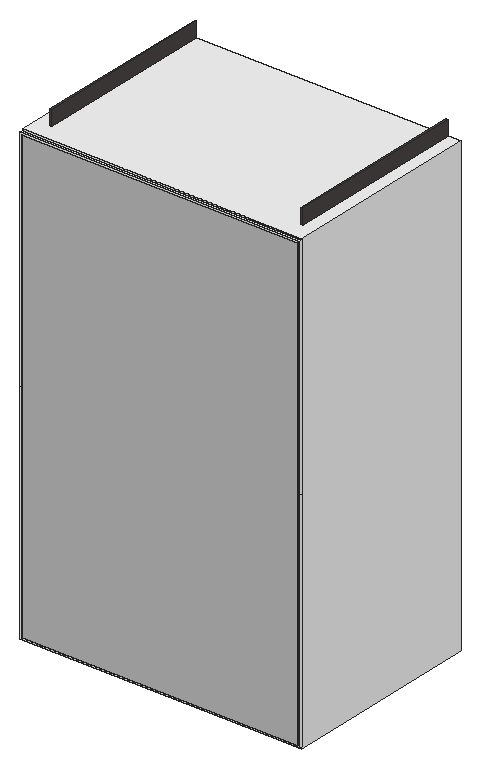
Revit family "vanity unit-hansgrohe-54169XXX-Xevolos E Vanity unit Matt White 340_245 for handrinse basin, door hinge right", category Furniture, Revit 2019
Family settings
  OmniClass Number = 23.40.00.00
  OmniClass Title = Equipment and Furnishings
  Work Plane-Based = No
  Always vertical = Yes
  Cut with Voids When Loaded = No
  Shared = Yes
  Room Calculation Point = No
Parameters (values of type "54169320-MATT_WHITE-METALLIC_WHITE-200")
  etim7_EC011381 = "EC011381"
  WEIGHT = "8"
  UNSPSC = "56 | Furniture and Furnishings"
  UNIFORMATII = "E2010 | Fixed Furnishings"
  UNICLASS_2015_CODE = "40_30_78_05"
  UNICLASS2015 = "Pr_40_30_78_05 | Bathroom furniture"
  SURFACE = "METALLIC_WHITE"
  REGION = "Worldwide"
  PRODUCTURL = "https://pro.hansgrohe.com/articledetail--54169320"
  PERMALINK = "54169XXX"
  OMNICLASS = "23-21 19 15 33 13 | Residential Bathroom Specialty Casework"
  OBJECTTYPE = "Object (single object)"
  OBERFLAECHE = "MATT_WHITE"
  NN = "Vanity Unit for handrinse basin, door hinge"
  NBSYN = "$ARTNR.-$OBERFLAECHE.-$SURFACE.-$LODLEVEL."
  NB = "54169320-MATT_WHITE-METALLIC_WHITE-200"
  NAME = "Xevolos E Vanity unit Matt White 340/245 for handrinse basin, door hinge right"
  Model = "54169320-MATT_WHITE-METALLIC_WHITE-200"
  Manufacturer = "Hansgrohe"
  MIdent = "{$CADENAS_DATA/23d-libs/hansgrohe/xevolos_furniture/xevolos_vanity_unit_for_handrinse_basin_door_hinge/vanity_unit_for_handrinse_basin_with_door_hing.prj},262 {VTYP=3D},{NB=54169320-MATT_WHITE-METALLIC_WHITE-200},{LINA=54169320-MATT_WHITE-METALLIC_WHITE-200},{NN=Vanity Unit for handrinse basin, door hinge},{DATE=13.03.2023 12:26:36},{GEOMDATE=12.03.2023 06:59:00},{VERSION=},{LINEID=100},{WBVAR=LODLEVEL},{WBNUMERIC=}  {NB=54169320-MATT_WHITE-METALLIC_WHITE-200},{LINA=54169320-MATT_WHITE-METALLIC_WHITE-200},{KT=DUMMY},{IDNR=10},{ARTNR=54169320},{BASENUMBER=54169},{MODEL=54169XXX},{OBERFLAECHE=MATT_WHITE},{SURFACE=METALLIC_WHITE},{L=340},{LODLEVEL=200},{LODLEVELX='400','400','200','200'},{NAME=Xevolos E Vanity unit Matt White 340/245 for handrinse basin, door hinge right},{PERMALINK=54169XXX},{OBJECTTYPE=Object (single object)},{BIMOBJECT=Sanitary: Compound units},{COLLECTIONSET=Xevolos E},{COLLECTION=vanity unit},{WEIGHT=8},{DESCRIPTION=Xevolos E Vanity unit Matt White 340/245 for handrinse basin, door hinge right},{PRODUCTURL=https://pro.hansgrohe.com/articledetail--54169320},{GTINCODE=},{TENDERURL=},{IFC=Furnishing element},{ETIM=EC011381 | Bathroom furniture set},{UNICLASS2015=Pr_40_30_78_05 | Bathroom furniture},{OMNICLASS=23-21 19 15 33 13 | Residential Bathroom Specialty Casework},{MASTERFORMAT=12 35 30.23 | Bathroom Casework},{UNSPSC=56 | Furniture and Furnishings},{UNIFORMATII=E2010 | Fixed Furnishings},{REGION=Worldwide},{DESIGN=Germany},{MANUFACTURER=Germany}"
  MASTERFORMAT = "12 35 30.23 | Bathroom Casework"
  LODLEVEL = "200"
  LINA = "54169320-MATT_WHITE-METALLIC_WHITE-200"
  L = 340
  IFC = "Furnishing element"
  IDNR = 10
  ETIM = "EC011381 | Bathroom furniture set"
  DESIGN = "Germany"
  COLLECTIONSET = "Xevolos E"
  COLLECTION = "vanity unit"
  CATALOG = "Hansgrohe"
  BIMOBJECT = "Sanitary: Compound units"
  BASENUMBER = "54169"
  ARTNR = "54169320"
  54169730-MATT_WHITE-DARK_OAK-400_RX0RY0RZ0TX0TY0TZ0_V = no
  54169730-MATT_WHITE-DARK_OAK-200_RX0RY0RZ0TX0TY0TZ0_V = no
  54169390-MATT_WHITE-PATTEREND_BRONZE-400_RX0RY0RZ0TX0TY0TZ0_V = no
  54169390-MATT_WHITE-PATTEREND_BRONZE-200_RX0RY0RZ0TX0TY0TZ0_V = no
  54169320-MATT_WHITE-METALLIC_WHITE-400_RX0RY0RZ0TX0TY0TZ0_V = no
  54169320-MATT_WHITE-METALLIC_WHITE-200_RX0RY0RZ0TX0TY0TZ0_V = yes
Types (6, lengths in mm): name | SURFACE | NB | Model | MIdent | LODLEVEL | LINA | IDNR | ARTNR | 54169730-MATT_WHITE-DARK_OAK-400_RX0RY0RZ0TX0TY0TZ0_V | 54169730-MATT_WHITE-DARK_OAK-200_RX0RY0RZ0TX0TY0TZ0_V | 54169390-MATT_WHITE-PATTEREND_BRONZE-400_RX0RY0RZ0TX0TY0TZ0_V | 54169390-MATT_WHITE-PATTEREND_BRONZE-200_RX0RY0RZ0TX0TY0TZ0_V | 54169320-MATT_WHITE-METALLIC_WHITE-400_RX0RY0RZ0TX0TY0TZ0_V | 54169320-MATT_WHITE-METALLIC_WHITE-200_RX0RY0RZ0TX0TY0TZ0_V
  54169320-MATT_WHITE-METALLIC_WHITE-200 | "METALLIC_WHITE" | "54169320-MATT_WHITE-METALLIC_WHITE-200" | "54169320-MATT_WHITE-METALLIC_WHITE-200" | "{$CADENAS_DATA/23d-libs/hansgrohe/xevolos_furniture/xevolos_vanity_unit_for_handrinse_basin_door_hinge/vanity_unit_for_handrinse_basin_with_door_hing.prj},262 {VTYP=3D},{NB=54169320-MATT_WHITE-METALLIC_WHITE-200},{LINA=54169320-MATT_WHITE-METALLIC_WHITE-200},{NN=Vanity Unit for handrinse basin, door hinge},{DATE=13.03.2023 12:26:36},{GEOMDATE=12.03.2023 06:59:00},{VERSION=},{LINEID=100},{WBVAR=LODLEVEL},{WBNUMERIC=}  {NB=54169320-MATT_WHITE-METALLIC_WHITE-200},{LINA=54169320-MATT_WHITE-METALLIC_WHITE-200},{KT=DUMMY},{IDNR=10},{ARTNR=54169320},{BASENUMBER=54169},{MODEL=54169XXX},{OBERFLAECHE=MATT_WHITE},{SURFACE=METALLIC_WHITE},{L=340},{LODLEVEL=200},{LODLEVELX='400','400','200','200'},{NAME=Xevolos E Vanity unit Matt White 340/245 for handrinse basin, door hinge right},{PERMALINK=54169XXX},{OBJECTTYPE=Object (single object)},{BIMOBJECT=Sanitary: Compound units},{COLLECTIONSET=Xevolos E},{COLLECTION=vanity unit},{WEIGHT=8},{DESCRIPTION=Xevolos E Vanity unit Matt White 340/245 for handrinse basin, door hinge right},{PRODUCTURL=https://pro.hansgrohe.com/articledetail--54169320},{GTINCODE=},{TENDERURL=},{IFC=Furnishing element},{ETIM=EC011381 | Bathroom furniture set},{UNICLASS2015=Pr_40_30_78_05 | Bathroom furniture},{OMNICLASS=23-21 19 15 33 13 | Residential Bathroom Specialty Casework},{MASTERFORMAT=12 35 30.23 | Bathroom Casework},{UNSPSC=56 | Furniture and Furnishings},{UNIFORMATII=E2010 | Fixed Furnishings},{REGION=Worldwide},{DESIGN=Germany},{MANUFACTURER=Germany}" | "200" | "54169320-MATT_WHITE-METALLIC_WHITE-200" | 10 | "54169320" | no | no | no | no | no | yes
  54169320-MATT_WHITE-METALLIC_WHITE-400 | "METALLIC_WHITE" | "54169320-MATT_WHITE-METALLIC_WHITE-400" | "54169320-MATT_WHITE-METALLIC_WHITE-400" | "{$CADENAS_DATA/23d-libs/hansgrohe/xevolos_furniture/xevolos_vanity_unit_for_handrinse_basin_door_hinge/vanity_unit_for_handrinse_basin_with_door_hing.prj},262 {VTYP=3D},{NB=54169320-MATT_WHITE-METALLIC_WHITE-400},{LINA=54169320-MATT_WHITE-METALLIC_WHITE-400},{NN=Vanity Unit for handrinse basin, door hinge},{DATE=13.03.2023 12:26:36},{GEOMDATE=12.03.2023 06:59:00},{VERSION=},{LINEID=100},{WBVAR=LODLEVEL},{WBNUMERIC=}  {NB=54169320-MATT_WHITE-METALLIC_WHITE-400},{LINA=54169320-MATT_WHITE-METALLIC_WHITE-400},{KT=DUMMY},{IDNR=10},{ARTNR=54169320},{BASENUMBER=54169},{MODEL=54169XXX},{OBERFLAECHE=MATT_WHITE},{SURFACE=METALLIC_WHITE},{L=340},{LODLEVEL=400},{LODLEVELX='400','400','200','200'},{NAME=Xevolos E Vanity unit Matt White 340/245 for handrinse basin, door hinge right},{PERMALINK=54169XXX},{OBJECTTYPE=Object (single object)},{BIMOBJECT=Sanitary: Compound units},{COLLECTIONSET=Xevolos E},{COLLECTION=vanity unit},{WEIGHT=8},{DESCRIPTION=Xevolos E Vanity unit Matt White 340/245 for handrinse basin, door hinge right},{PRODUCTURL=https://pro.hansgrohe.com/articledetail--54169320},{GTINCODE=},{TENDERURL=},{IFC=Furnishing element},{ETIM=EC011381 | Bathroom furniture set},{UNICLASS2015=Pr_40_30_78_05 | Bathroom furniture},{OMNICLASS=23-21 19 15 33 13 | Residential Bathroom Specialty Casework},{MASTERFORMAT=12 35 30.23 | Bathroom Casework},{UNSPSC=56 | Furniture and Furnishings},{UNIFORMATII=E2010 | Fixed Furnishings},{REGION=Worldwide},{DESIGN=Germany},{MANUFACTURER=Germany}" | "400" | "54169320-MATT_WHITE-METALLIC_WHITE-400" | 10 | "54169320" | no | no | no | no | yes | no
  54169390-MATT_WHITE-PATTEREND_BRONZE-200 | "PATTEREND_BRONZE" | "54169390-MATT_WHITE-PATTEREND_BRONZE-200" | "54169390-MATT_WHITE-PATTEREND_BRONZE-200" | "{$CADENAS_DATA/23d-libs/hansgrohe/xevolos_furniture/xevolos_vanity_unit_for_handrinse_basin_door_hinge/vanity_unit_for_handrinse_basin_with_door_hing.prj},266 {VTYP=3D},{NB=54169390-MATT_WHITE-PATTEREND_BRONZE-200},{LINA=54169390-MATT_WHITE-PATTEREND_BRONZE-200},{NN=Vanity Unit for handrinse basin, door hinge},{DATE=13.03.2023 12:26:36},{GEOMDATE=12.03.2023 06:59:00},{VERSION=},{LINEID=110},{WBVAR=LODLEVEL},{WBNUMERIC=}  {NB=54169390-MATT_WHITE-PATTEREND_BRONZE-200},{LINA=54169390-MATT_WHITE-PATTEREND_BRONZE-200},{KT=DUMMY},{IDNR=11},{ARTNR=54169390},{BASENUMBER=54169},{MODEL=54169XXX},{OBERFLAECHE=MATT_WHITE},{SURFACE=PATTEREND_BRONZE},{L=340},{LODLEVEL=200},{LODLEVELX='400','400','200','200'},{NAME=Xevolos E Vanity unit Matt White 340/245 for handrinse basin, door hinge right},{PERMALINK=54169XXX},{OBJECTTYPE=Object (single object)},{BIMOBJECT=Sanitary: Compound units},{COLLECTIONSET=Xevolos E},{COLLECTION=vanity unit},{WEIGHT=8},{DESCRIPTION=Xevolos E Vanity unit Matt White 340/245 for handrinse basin, door hinge right},{PRODUCTURL=https://pro.hansgrohe.com/articledetail--54169320},{GTINCODE=},{TENDERURL=},{IFC=Furnishing element},{ETIM=EC011381 | Bathroom furniture set},{UNICLASS2015=Pr_40_30_78_05 | Bathroom furniture},{OMNICLASS=23-21 19 15 33 13 | Residential Bathroom Specialty Casework},{MASTERFORMAT=12 35 30.23 | Bathroom Casework},{UNSPSC=56 | Furniture and Furnishings},{UNIFORMATII=E2010 | Fixed Furnishings},{REGION=Worldwide},{DESIGN=Germany},{MANUFACTURER=Germany}" | "200" | "54169390-MATT_WHITE-PATTEREND_BRONZE-200" | 11 | "54169390" | no | no | no | yes | no | no
  54169390-MATT_WHITE-PATTEREND_BRONZE-400 | "PATTEREND_BRONZE" | "54169390-MATT_WHITE-PATTEREND_BRONZE-400" | "54169390-MATT_WHITE-PATTEREND_BRONZE-400" | "{$CADENAS_DATA/23d-libs/hansgrohe/xevolos_furniture/xevolos_vanity_unit_for_handrinse_basin_door_hinge/vanity_unit_for_handrinse_basin_with_door_hing.prj},266 {VTYP=3D},{NB=54169390-MATT_WHITE-PATTEREND_BRONZE-400},{LINA=54169390-MATT_WHITE-PATTEREND_BRONZE-400},{NN=Vanity Unit for handrinse basin, door hinge},{DATE=13.03.2023 12:26:36},{GEOMDATE=12.03.2023 06:59:00},{VERSION=},{LINEID=110},{WBVAR=LODLEVEL},{WBNUMERIC=}  {NB=54169390-MATT_WHITE-PATTEREND_BRONZE-400},{LINA=54169390-MATT_WHITE-PATTEREND_BRONZE-400},{KT=DUMMY},{IDNR=11},{ARTNR=54169390},{BASENUMBER=54169},{MODEL=54169XXX},{OBERFLAECHE=MATT_WHITE},{SURFACE=PATTEREND_BRONZE},{L=340},{LODLEVEL=400},{LODLEVELX='400','400','200','200'},{NAME=Xevolos E Vanity unit Matt White 340/245 for handrinse basin, door hinge right},{PERMALINK=54169XXX},{OBJECTTYPE=Object (single object)},{BIMOBJECT=Sanitary: Compound units},{COLLECTIONSET=Xevolos E},{COLLECTION=vanity unit},{WEIGHT=8},{DESCRIPTION=Xevolos E Vanity unit Matt White 340/245 for handrinse basin, door hinge right},{PRODUCTURL=https://pro.hansgrohe.com/articledetail--54169320},{GTINCODE=},{TENDERURL=},{IFC=Furnishing element},{ETIM=EC011381 | Bathroom furniture set},{UNICLASS2015=Pr_40_30_78_05 | Bathroom furniture},{OMNICLASS=23-21 19 15 33 13 | Residential Bathroom Specialty Casework},{MASTERFORMAT=12 35 30.23 | Bathroom Casework},{UNSPSC=56 | Furniture and Furnishings},{UNIFORMATII=E2010 | Fixed Furnishings},{REGION=Worldwide},{DESIGN=Germany},{MANUFACTURER=Germany}" | "400" | "54169390-MATT_WHITE-PATTEREND_BRONZE-400" | 11 | "54169390" | no | no | yes | no | no | no
  54169730-MATT_WHITE-DARK_OAK-200 | "DARK_OAK" | "54169730-MATT_WHITE-DARK_OAK-200" | "54169730-MATT_WHITE-DARK_OAK-200" | "{$CADENAS_DATA/23d-libs/hansgrohe/xevolos_furniture/xevolos_vanity_unit_for_handrinse_basin_door_hinge/vanity_unit_for_handrinse_basin_with_door_hing.prj},250 {VTYP=3D},{NB=54169730-MATT_WHITE-DARK_OAK-200},{LINA=54169730-MATT_WHITE-DARK_OAK-200},{NN=Vanity Unit for handrinse basin, door hinge},{DATE=13.03.2023 12:26:36},{GEOMDATE=12.03.2023 06:59:00},{VERSION=},{LINEID=120},{WBVAR=LODLEVEL},{WBNUMERIC=}  {NB=54169730-MATT_WHITE-DARK_OAK-200},{LINA=54169730-MATT_WHITE-DARK_OAK-200},{KT=DUMMY},{IDNR=12},{ARTNR=54169730},{BASENUMBER=54169},{MODEL=54169XXX},{OBERFLAECHE=MATT_WHITE},{SURFACE=DARK_OAK},{L=340},{LODLEVEL=200},{LODLEVELX='400','400','200','200'},{NAME=Xevolos E Vanity unit Matt White 340/245 for handrinse basin, door hinge right},{PERMALINK=54169XXX},{OBJECTTYPE=Object (single object)},{BIMOBJECT=Sanitary: Compound units},{COLLECTIONSET=Xevolos E},{COLLECTION=vanity unit},{WEIGHT=8},{DESCRIPTION=Xevolos E Vanity unit Matt White 340/245 for handrinse basin, door hinge right},{PRODUCTURL=https://pro.hansgrohe.com/articledetail--54169320},{GTINCODE=},{TENDERURL=},{IFC=Furnishing element},{ETIM=EC011381 | Bathroom furniture set},{UNICLASS2015=Pr_40_30_78_05 | Bathroom furniture},{OMNICLASS=23-21 19 15 33 13 | Residential Bathroom Specialty Casework},{MASTERFORMAT=12 35 30.23 | Bathroom Casework},{UNSPSC=56 | Furniture and Furnishings},{UNIFORMATII=E2010 | Fixed Furnishings},{REGION=Worldwide},{DESIGN=Germany},{MANUFACTURER=Germany}" | "200" | "54169730-MATT_WHITE-DARK_OAK-200" | 12 | "54169730" | no | yes | no | no | no | no
  54169730-MATT_WHITE-DARK_OAK-400 | "DARK_OAK" | "54169730-MATT_WHITE-DARK_OAK-400" | "54169730-MATT_WHITE-DARK_OAK-400" | "{$CADENAS_DATA/23d-libs/hansgrohe/xevolos_furniture/xevolos_vanity_unit_for_handrinse_basin_door_hinge/vanity_unit_for_handrinse_basin_with_door_hing.prj},250 {VTYP=3D},{NB=54169730-MATT_WHITE-DARK_OAK-400},{LINA=54169730-MATT_WHITE-DARK_OAK-400},{NN=Vanity Unit for handrinse basin, door hinge},{DATE=13.03.2023 12:26:36},{GEOMDATE=12.03.2023 06:59:00},{VERSION=},{LINEID=120},{WBVAR=LODLEVEL},{WBNUMERIC=}  {NB=54169730-MATT_WHITE-DARK_OAK-400},{LINA=54169730-MATT_WHITE-DARK_OAK-400},{KT=DUMMY},{IDNR=12},{ARTNR=54169730},{BASENUMBER=54169},{MODEL=54169XXX},{OBERFLAECHE=MATT_WHITE},{SURFACE=DARK_OAK},{L=340},{LODLEVEL=400},{LODLEVELX='400','400','200','200'},{NAME=Xevolos E Vanity unit Matt White 340/245 for handrinse basin, door hinge right},{PERMALINK=54169XXX},{OBJECTTYPE=Object (single object)},{BIMOBJECT=Sanitary: Compound units},{COLLECTIONSET=Xevolos E},{COLLECTION=vanity unit},{WEIGHT=8},{DESCRIPTION=Xevolos E Vanity unit Matt White 340/245 for handrinse basin, door hinge right},{PRODUCTURL=https://pro.hansgrohe.com/articledetail--54169320},{GTINCODE=},{TENDERURL=},{IFC=Furnishing element},{ETIM=EC011381 | Bathroom furniture set},{UNICLASS2015=Pr_40_30_78_05 | Bathroom furniture},{OMNICLASS=23-21 19 15 33 13 | Residential Bathroom Specialty Casework},{MASTERFORMAT=12 35 30.23 | Bathroom Casework},{UNSPSC=56 | Furniture and Furnishings},{UNIFORMATII=E2010 | Fixed Furnishings},{REGION=Worldwide},{DESIGN=Germany},{MANUFACTURER=Germany}" | "400" | "54169730-MATT_WHITE-DARK_OAK-400" | 12 | "54169730" | yes | no | no | no | no | no
Reference planes
  plane 1 "Center (Front/Back)": y = 0
  plane 2: z = 0
  plane 3 "Center (Left/Right)": x = 0
Dimensions and locks
  aligned and locked: level to plane 2
Nested families
  nested 1: "54169320-matt_white-metallic_white-200_content" at (0, 0, 0), visible <- "54169320-MATT_WHITE-METALLIC_WHITE-200_RX0RY0RZ0TX0TY0TZ0_V", ContentVisible <- "54169320-MATT_WHITE-METALLIC_WHITE-200_RX0RY0RZ0TX0TY0TZ0_V", type "54169320-MATT_WHITE-METALLIC_WHITE-200_Content"
    with ContentVisible yes
  nested 2: "54169320-matt_white-metallic_white-400_content" at (0, 0, 0), visible <- "54169320-MATT_WHITE-METALLIC_WHITE-400_RX0RY0RZ0TX0TY0TZ0_V", ContentVisible <- "54169320-MATT_WHITE-METALLIC_WHITE-400_RX0RY0RZ0TX0TY0TZ0_V", type "54169320-MATT_WHITE-METALLIC_WHITE-400_Content"
    with ContentVisible no
  nested 3: "54169390-matt_white-patterend_bronze-200_content" at (0, 0, 0), visible <- "54169390-MATT_WHITE-PATTEREND_BRONZE-200_RX0RY0RZ0TX0TY0TZ0_V", ContentVisible <- "54169390-MATT_WHITE-PATTEREND_BRONZE-200_RX0RY0RZ0TX0TY0TZ0_V", type "54169390-MATT_WHITE-PATTEREND_BRONZE-200_Content"
    with ContentVisible no
  nested 4: "54169390-matt_white-patterend_bronze-400_content" at (0, 0, 0), visible <- "54169390-MATT_WHITE-PATTEREND_BRONZE-400_RX0RY0RZ0TX0TY0TZ0_V", ContentVisible <- "54169390-MATT_WHITE-PATTEREND_BRONZE-400_RX0RY0RZ0TX0TY0TZ0_V", type "54169390-MATT_WHITE-PATTEREND_BRONZE-400_Content"
    with ContentVisible no
  nested 5: "54169730-matt_white-dark_oak-200_content" at (0, 0, 0), visible <- "54169730-MATT_WHITE-DARK_OAK-200_RX0RY0RZ0TX0TY0TZ0_V", ContentVisible <- "54169730-MATT_WHITE-DARK_OAK-200_RX0RY0RZ0TX0TY0TZ0_V", type "54169730-MATT_WHITE-DARK_OAK-200_Content"
    with ContentVisible no
  nested 6: "54169730-matt_white-dark_oak-400_content" at (0, 0, 0), visible <- "54169730-MATT_WHITE-DARK_OAK-400_RX0RY0RZ0TX0TY0TZ0_V", ContentVisible <- "54169730-MATT_WHITE-DARK_OAK-400_RX0RY0RZ0TX0TY0TZ0_V", type "54169730-MATT_WHITE-DARK_OAK-400_Content"
    with ContentVisible no
Definition of nested family "54169320-matt_white-metallic_white-200_content"
  Parameters (values of type "54169320-MATT_WHITE-METALLIC_WHITE-200_Content")
    etim7_EC011381 = "EC011381"
    WEIGHT = "8"
    UNSPSC = "56 | Furniture and Furnishings"
    UNIFORMATII = "E2010 | Fixed Furnishings"
    UNICLASS_2015_CODE = "40_30_78_05"
    UNICLASS2015 = "Pr_40_30_78_05 | Bathroom furniture"
    SURFACE = "METALLIC_WHITE"
    REGION = "Worldwide"
    PRODUCTURL = "https://pro.hansgrohe.com/articledetail--54169320"
    PERMALINK = "54169XXX"
    OMNICLASS = "23-21 19 15 33 13 | Residential Bathroom Specialty Casework"
    OBJECTTYPE = "Object (single object)"
    OBERFLAECHE = "MATT_WHITE"
    NN = "Vanity Unit for handrinse basin, door hinge"
    NBSYN = "$ARTNR.-$OBERFLAECHE.-$SURFACE.-$LODLEVEL."
    NB = "54169320-MATT_WHITE-METALLIC_WHITE-200"
    NAME = "Xevolos E Vanity unit Matt White 340/245 for handrinse basin, door hinge right"
    Model = "54169320-MATT_WHITE-METALLIC_WHITE-200"
    Manufacturer = "Hansgrohe"
    MASTERFORMAT = "12 35 30.23 | Bathroom Casework"
    LODLEVEL = "200"
    LINA = "54169320-MATT_WHITE-METALLIC_WHITE-200"
    L = 340
    IFC = "Furnishing element"
    IDNR = 10
    ETIM = "EC011381 | Bathroom furniture set"
    Default Elevation = 1219.2 mm
    DESIGN = "Germany"
    ContentVisible [instance] = yes
    COLLECTIONSET = "Xevolos E"
    COLLECTION = "vanity unit"
    CATALOG = "Hansgrohe"
    BIMOBJECT = "Sanitary: Compound units"
    BASENUMBER = "54169"
    ARTNR = "54169320"
  Reference planes
    plane 1 "Center (Front/Back)": y = 0
    plane 2: z = 0
    plane 3 "Center (Left/Right)": x = 0
  Forms (mm)
    Extrusion 1, solid, visible <- "ContentVisible", detail levels medium+fine
      sketch origin (0, 0, 0) x (1, 0, 0) y (0, 1, 0)
        loop
          line (-170, 0) -> (-170, -241.25) -> (170, -241.25) -> (170, 0) -> (-170, 0)
      from 0 to 556
    Extrusion 2, solid, visible <- "ContentVisible", detail levels medium+fine
      sketch origin (0, -241.25, 0) x (1, 0, 0) y (0, 0, -1)
        loop
          line (-170, -278) -> (-168, -278) -> (-168, -4) -> (168, -4) -> (168, -278) -> (170, -278) -> (170, -2) -> (-170, -2) -> (-170, -278)
      from -4 to 0
    Extrusion 3, solid, visible <- "ContentVisible", detail levels medium+fine
      sketch origin (0, -241.25, 0) x (1, 0, 0) y (0, 0, -1)
        loop
          line (-170, -278) -> (-170, -554) -> (170, -554) -> (170, -278) -> (168, -278) -> (168, -552) -> (-168, -552) -> (-168, -278) -> (-170, -278)
      from -4 to 0
    Extrusion 4, solid, visible <- "ContentVisible", detail levels medium+fine
      sketch origin (0, -241.25, 0) x (1, 0, 0) y (0, 0, -1)
        loop
          line (-168, -552) -> (168, -552) -> (168, -4) -> (-168, -4) -> (-168, -552)
      from -4 to 0
    Extrusion 5, solid, visible <- "ContentVisible", detail levels medium+fine
      sketch origin (-154, 0, 0) x (0, 0, -1) y (0, 1, 0)
        loop
          line (-574, 0) -> (-574, -220) -> (-554, -220) -> (-554, -203.5) -> (-534, -203.5) -> (-534, -17.5) -> (-554, -17.5) -> (-554, 0) -> (-574, 0)
      from 0 to 2
    Extrusion 6, solid, visible <- "ContentVisible", detail levels medium+fine
      sketch origin (154, 0, 0) x (0, 0, -1) y (0, 1, 0)
        loop
          line (-574, 0) -> (-574, -220) -> (-554, -220) -> (-554, -203.5) -> (-534, -203.5) -> (-534, -17.5) -> (-554, -17.5) -> (-554, 0) -> (-574, 0)
      from -2 to 0
    Extrusion 7, solid, visible <- "ContentVisible", detail levels coarse
      sketch origin (0, -122.625, 0) x (1, 0, 0) y (0, 1, 0)
        loop
          line (-170, -122.625) -> (170, -122.625) -> (170, 122.625) -> (-170, 122.625) -> (-170, -122.625)
      from 0 to 574
  Dimensions and locks
    aligned and locked: level to plane 2
Definition of nested family "54169320-matt_white-metallic_white-400_content"
  Parameters (values of type "54169320-MATT_WHITE-METALLIC_WHITE-400_Content")
    etim7_EC011381 = "EC011381"
    WEIGHT = "8"
    UNSPSC = "56 | Furniture and Furnishings"
    UNIFORMATII = "E2010 | Fixed Furnishings"
    UNICLASS_2015_CODE = "40_30_78_05"
    UNICLASS2015 = "Pr_40_30_78_05 | Bathroom furniture"
    SURFACE = "METALLIC_WHITE"
    REGION = "Worldwide"
    PRODUCTURL = "https://pro.hansgrohe.com/articledetail--54169320"
    PERMALINK = "54169XXX"
    OMNICLASS = "23-21 19 15 33 13 | Residential Bathroom Specialty Casework"
    OBJECTTYPE = "Object (single object)"
    OBERFLAECHE = "MATT_WHITE"
    NN = "Vanity Unit for handrinse basin, door hinge"
    NBSYN = "$ARTNR.-$OBERFLAECHE.-$SURFACE.-$LODLEVEL."
    NB = "54169320-MATT_WHITE-METALLIC_WHITE-400"
    NAME = "Xevolos E Vanity unit Matt White 340/245 for handrinse basin, door hinge right"
    Model = "54169320-MATT_WHITE-METALLIC_WHITE-400"
    Manufacturer = "Hansgrohe"
    MASTERFORMAT = "12 35 30.23 | Bathroom Casework"
    LODLEVEL = "400"
    LINA = "54169320-MATT_WHITE-METALLIC_WHITE-400"
    L = 340
    IFC = "Furnishing element"
    IDNR = 10
    ETIM = "EC011381 | Bathroom furniture set"
    Default Elevation = 1219.2 mm
    DESIGN = "Germany"
    ContentVisible [instance] = yes
    COLLECTIONSET = "Xevolos E"
    COLLECTION = "vanity unit"
    CATALOG = "Hansgrohe"
    BIMOBJECT = "Sanitary: Compound units"
    BASENUMBER = "54169"
    ARTNR = "54169320"
  Reference planes
    plane 1 "Center (Front/Back)": y = 0
    plane 2: z = 0
    plane 3 "Center (Left/Right)": x = 0
  Forms (mm)
    Extrusion 1, solid, visible <- "ContentVisible", detail levels medium+fine
      sketch origin (0, 0, 0) x (1, 0, 0) y (0, 1, 0)
        loop
          line (-170, 0) -> (-170, -245.25) -> (-168, -245.25) -> (-168, -241.25) -> (-154, -241.25) -> (-154, 0) -> (-170, 0)
      from 0 to 556
    Extrusion 2, solid, visible <- "ContentVisible", detail levels medium+fine
      sketch origin (0, 0, 0) x (1, 0, 0) y (0, 1, 0)
        loop
          line (-154, -20) -> (-154, -219.5) -> (154, -219.5) -> (154, -20) -> (-154, -20)
      from 0 to 16
    Extrusion 3, solid, visible <- "ContentVisible", detail levels medium+fine
      sketch origin (0, 0, 0) x (1, 0, 0) y (0, 1, 0)
        loop
          line (154, 0) -> (154, -241.25) -> (168, -241.25) -> (168, -245.25) -> (170, -245.25) -> (170, 0) -> (154, 0)
      from 0 to 556
    Extrusion 4, solid, visible <- "ContentVisible", detail levels medium+fine
      sketch origin (0, 0, 0.5) x (1, 0, 0) y (0, 1, 0)
        loop
          line (-154, -4) -> (-154, -20) -> (154, -20) -> (154, -4) -> (-154, -4)
      from 0 to 126
    Extrusion 5, solid, visible <- "ContentVisible", detail levels medium+fine
      sketch origin (0, 0, 2) x (1, 0, 0) y (0, 1, 0)
        loop
          line (-168, -223.95) -> (-168, -245.25) -> (168, -245.25) -> (168, -223.95) -> (-168, -223.95)
      from 0 to 2
    Extrusion 6, solid, visible <- "ContentVisible", detail levels medium+fine
      sketch origin (0, 0, 554) x (1, 0, 0) y (0, 1, 0)
        loop
          line (-168, -223.95) -> (-168, -245.25) -> (168, -245.25) -> (168, -223.95) -> (-168, -223.95)
      from -2 to 0
    Extrusion 7, solid, visible <- "ContentVisible", detail levels medium+fine
      sketch origin (0, -241.25, 0) x (1, 0, 0) y (0, 0, -1)
        loop
          line (-168, -552) -> (168, -552) -> (168, -4) -> (-168, -4) -> (-168, -552)
      from -4 to 0
    Extrusion 8, solid, visible <- "ContentVisible", detail levels medium+fine
      sketch origin (0, -241.25, 0) x (1, 0, 0) y (0, 0, -1)
        loop
          line (-154, -552) -> (154, -552) -> (154, -4) -> (-154, -4) -> (-154, -552)
        loop
          line (-95, -78) -> (-95, -474) -> (95, -474) -> (95, -78) -> (-95, -78)
      from 0 to 17.3
    Extrusion 9, solid, visible <- "ContentVisible", detail levels medium+fine
      sketch origin (-154, 0, 0) x (0, 0, -1) y (0, 1, 0)
        loop
          line (-574, 0) -> (-574, -220) -> (-554, -220) -> (-554, -203.5) -> (-534, -203.5) -> (-534, -17.5) -> (-554, -17.5) -> (-554, 0) -> (-574, 0)
      from 0 to 2
    Extrusion 10, solid, visible <- "ContentVisible", detail levels medium+fine
      sketch origin (154, 0, 0) x (0, 0, -1) y (0, 1, 0)
        loop
          line (-574, 0) -> (-574, -220) -> (-554, -220) -> (-554, -203.5) -> (-534, -203.5) -> (-534, -17.5) -> (-554, -17.5) -> (-554, 0) -> (-574, 0)
      from -2 to 0
    Extrusion 11, solid, visible <- "ContentVisible", detail levels medium+fine
      sketch origin (0, 0, 0) x (0, 0, -1) y (0, 1, 0)
        loop
          line (-551, -203.5) -> (-551, -219.5) -> (-477, -219.5) -> (-477, -203.5) -> (-551, -203.5)
      from -154 to 154
    Extrusion 12, solid, visible <- "ContentVisible", detail levels coarse
      sketch origin (0, -122.625, 0) x (1, 0, 0) y (0, 1, 0)
        loop
          line (-170, -122.625) -> (170, -122.625) -> (170, 122.625) -> (-170, 122.625) -> (-170, -122.625)
      from 0 to 574
  Dimensions and locks
    aligned and locked: level to plane 2
Definition of nested family "54169390-matt_white-patterend_bronze-200_content"
  Parameters (values of type "54169390-MATT_WHITE-PATTEREND_BRONZE-200_Content")
    etim7_EC011381 = "EC011381"
    WEIGHT = "8"
    UNSPSC = "56 | Furniture and Furnishings"
    UNIFORMATII = "E2010 | Fixed Furnishings"
    UNICLASS_2015_CODE = "40_30_78_05"
    UNICLASS2015 = "Pr_40_30_78_05 | Bathroom furniture"
    SURFACE = "PATTEREND_BRONZE"
    REGION = "Worldwide"
    PRODUCTURL = "https://pro.hansgrohe.com/articledetail--54169320"
    PERMALINK = "54169XXX"
    OMNICLASS = "23-21 19 15 33 13 | Residential Bathroom Specialty Casework"
    OBJECTTYPE = "Object (single object)"
    OBERFLAECHE = "MATT_WHITE"
    NN = "Vanity Unit for handrinse basin, door hinge"
    NBSYN = "$ARTNR.-$OBERFLAECHE.-$SURFACE.-$LODLEVEL."
    NB = "54169390-MATT_WHITE-PATTEREND_BRONZE-200"
    NAME = "Xevolos E Vanity unit Matt White 340/245 for handrinse basin, door hinge right"
    Model = "54169390-MATT_WHITE-PATTEREND_BRONZE-200"
    Manufacturer = "Hansgrohe"
    MASTERFORMAT = "12 35 30.23 | Bathroom Casework"
    LODLEVEL = "200"
    LINA = "54169390-MATT_WHITE-PATTEREND_BRONZE-200"
    L = 340
    IFC = "Furnishing element"
    IDNR = 11
    ETIM = "EC011381 | Bathroom furniture set"
    Default Elevation = 1219.2 mm
    DESIGN = "Germany"
    ContentVisible [instance] = yes
    COLLECTIONSET = "Xevolos E"
    COLLECTION = "vanity unit"
    CATALOG = "Hansgrohe"
    BIMOBJECT = "Sanitary: Compound units"
    BASENUMBER = "54169"
    ARTNR = "54169390"
  Reference planes
    plane 1 "Center (Front/Back)": y = 0
    plane 2: z = 0
    plane 3 "Center (Left/Right)": x = 0
  Forms (mm)
    Extrusion 1, solid, visible <- "ContentVisible", detail levels medium+fine
      sketch origin (0, 0, 0) x (1, 0, 0) y (0, 1, 0)
        loop
          line (-170, 0) -> (-170, -241.25) -> (170, -241.25) -> (170, 0) -> (-170, 0)
      from 0 to 556
    Extrusion 2, solid, visible <- "ContentVisible", detail levels medium+fine
      sketch origin (0, -241.25, 0) x (1, 0, 0) y (0, 0, -1)
        loop
          line (-170, -278) -> (-168, -278) -> (-168, -4) -> (168, -4) -> (168, -278) -> (170, -278) -> (170, -2) -> (-170, -2) -> (-170, -278)
      from -4 to 0
    Extrusion 3, solid, visible <- "ContentVisible", detail levels medium+fine
      sketch origin (0, -241.25, 0) x (1, 0, 0) y (0, 0, -1)
        loop
          line (-170, -278) -> (-170, -554) -> (170, -554) -> (170, -278) -> (168, -278) -> (168, -552) -> (-168, -552) -> (-168, -278) -> (-170, -278)
      from -4 to 0
    Extrusion 4, solid, visible <- "ContentVisible", detail levels medium+fine
      sketch origin (0, -241.25, 0) x (1, 0, 0) y (0, 0, -1)
        loop
          line (-168, -552) -> (168, -552) -> (168, -4) -> (-168, -4) -> (-168, -552)
      from -4 to 0
    Extrusion 5, solid, visible <- "ContentVisible", detail levels medium+fine
      sketch origin (-154, 0, 0) x (0, 0, -1) y (0, 1, 0)
        loop
          line (-574, 0) -> (-574, -220) -> (-554, -220) -> (-554, -203.5) -> (-534, -203.5) -> (-534, -17.5) -> (-554, -17.5) -> (-554, 0) -> (-574, 0)
      from 0 to 2
    Extrusion 6, solid, visible <- "ContentVisible", detail levels medium+fine
      sketch origin (154, 0, 0) x (0, 0, -1) y (0, 1, 0)
        loop
          line (-574, 0) -> (-574, -220) -> (-554, -220) -> (-554, -203.5) -> (-534, -203.5) -> (-534, -17.5) -> (-554, -17.5) -> (-554, 0) -> (-574, 0)
      from -2 to 0
    Extrusion 7, solid, visible <- "ContentVisible", detail levels coarse
      sketch origin (0, -122.625, 0) x (1, 0, 0) y (0, 1, 0)
        loop
          line (-170, -122.625) -> (170, -122.625) -> (170, 122.625) -> (-170, 122.625) -> (-170, -122.625)
      from 0 to 574
  Dimensions and locks
    aligned and locked: level to plane 2
Definition of nested family "54169390-matt_white-patterend_bronze-400_content"
  Parameters (values of type "54169390-MATT_WHITE-PATTEREND_BRONZE-400_Content")
    etim7_EC011381 = "EC011381"
    WEIGHT = "8"
    UNSPSC = "56 | Furniture and Furnishings"
    UNIFORMATII = "E2010 | Fixed Furnishings"
    UNICLASS_2015_CODE = "40_30_78_05"
    UNICLASS2015 = "Pr_40_30_78_05 | Bathroom furniture"
    SURFACE = "PATTEREND_BRONZE"
    REGION = "Worldwide"
    PRODUCTURL = "https://pro.hansgrohe.com/articledetail--54169320"
    PERMALINK = "54169XXX"
    OMNICLASS = "23-21 19 15 33 13 | Residential Bathroom Specialty Casework"
    OBJECTTYPE = "Object (single object)"
    OBERFLAECHE = "MATT_WHITE"
    NN = "Vanity Unit for handrinse basin, door hinge"
    NBSYN = "$ARTNR.-$OBERFLAECHE.-$SURFACE.-$LODLEVEL."
    NB = "54169390-MATT_WHITE-PATTEREND_BRONZE-400"
    NAME = "Xevolos E Vanity unit Matt White 340/245 for handrinse basin, door hinge right"
    Model = "54169390-MATT_WHITE-PATTEREND_BRONZE-400"
    Manufacturer = "Hansgrohe"
    MASTERFORMAT = "12 35 30.23 | Bathroom Casework"
    LODLEVEL = "400"
    LINA = "54169390-MATT_WHITE-PATTEREND_BRONZE-400"
    L = 340
    IFC = "Furnishing element"
    IDNR = 11
    ETIM = "EC011381 | Bathroom furniture set"
    Default Elevation = 1219.2 mm
    DESIGN = "Germany"
    ContentVisible [instance] = yes
    COLLECTIONSET = "Xevolos E"
    COLLECTION = "vanity unit"
    CATALOG = "Hansgrohe"
    BIMOBJECT = "Sanitary: Compound units"
    BASENUMBER = "54169"
    ARTNR = "54169390"
  Reference planes
    plane 1 "Center (Front/Back)": y = 0
    plane 2: z = 0
    plane 3 "Center (Left/Right)": x = 0
  Forms (mm)
    Extrusion 1, solid, visible <- "ContentVisible", detail levels medium+fine
      sketch origin (0, 0, 0) x (1, 0, 0) y (0, 1, 0)
        loop
          line (-170, 0) -> (-170, -245.25) -> (-168, -245.25) -> (-168, -241.25) -> (-154, -241.25) -> (-154, 0) -> (-170, 0)
      from 0 to 556
    Extrusion 2, solid, visible <- "ContentVisible", detail levels medium+fine
      sketch origin (0, 0, 0) x (1, 0, 0) y (0, 1, 0)
        loop
          line (-154, -20) -> (-154, -219.5) -> (154, -219.5) -> (154, -20) -> (-154, -20)
      from 0 to 16
    Extrusion 3, solid, visible <- "ContentVisible", detail levels medium+fine
      sketch origin (0, 0, 0) x (1, 0, 0) y (0, 1, 0)
        loop
          line (154, 0) -> (154, -241.25) -> (168, -241.25) -> (168, -245.25) -> (170, -245.25) -> (170, 0) -> (154, 0)
      from 0 to 556
    Extrusion 4, solid, visible <- "ContentVisible", detail levels medium+fine
      sketch origin (0, 0, 0.5) x (1, 0, 0) y (0, 1, 0)
        loop
          line (-154, -4) -> (-154, -20) -> (154, -20) -> (154, -4) -> (-154, -4)
      from 0 to 126
    Extrusion 5, solid, visible <- "ContentVisible", detail levels medium+fine
      sketch origin (0, 0, 2) x (1, 0, 0) y (0, 1, 0)
        loop
          line (-168, -223.95) -> (-168, -245.25) -> (168, -245.25) -> (168, -223.95) -> (-168, -223.95)
      from 0 to 2
    Extrusion 6, solid, visible <- "ContentVisible", detail levels medium+fine
      sketch origin (0, 0, 554) x (1, 0, 0) y (0, 1, 0)
        loop
          line (-168, -223.95) -> (-168, -245.25) -> (168, -245.25) -> (168, -223.95) -> (-168, -223.95)
      from -2 to 0
    Extrusion 7, solid, visible <- "ContentVisible", detail levels medium+fine
      sketch origin (0, -241.25, 0) x (1, 0, 0) y (0, 0, -1)
        loop
          line (-168, -552) -> (168, -552) -> (168, -4) -> (-168, -4) -> (-168, -552)
      from -4 to 0
    Extrusion 8, solid, visible <- "ContentVisible", detail levels medium+fine
      sketch origin (0, -241.25, 0) x (1, 0, 0) y (0, 0, -1)
        loop
          line (-154, -552) -> (154, -552) -> (154, -4) -> (-154, -4) -> (-154, -552)
        loop
          line (-95, -78) -> (-95, -474) -> (95, -474) -> (95, -78) -> (-95, -78)
      from 0 to 17.3
    Extrusion 9, solid, visible <- "ContentVisible", detail levels medium+fine
      sketch origin (-154, 0, 0) x (0, 0, -1) y (0, 1, 0)
        loop
          line (-574, 0) -> (-574, -220) -> (-554, -220) -> (-554, -203.5) -> (-534, -203.5) -> (-534, -17.5) -> (-554, -17.5) -> (-554, 0) -> (-574, 0)
      from 0 to 2
    Extrusion 10, solid, visible <- "ContentVisible", detail levels medium+fine
      sketch origin (154, 0, 0) x (0, 0, -1) y (0, 1, 0)
        loop
          line (-574, 0) -> (-574, -220) -> (-554, -220) -> (-554, -203.5) -> (-534, -203.5) -> (-534, -17.5) -> (-554, -17.5) -> (-554, 0) -> (-574, 0)
      from -2 to 0
    Extrusion 11, solid, visible <- "ContentVisible", detail levels medium+fine
      sketch origin (0, 0, 0) x (0, 0, -1) y (0, 1, 0)
        loop
          line (-551, -203.5) -> (-551, -219.5) -> (-477, -219.5) -> (-477, -203.5) -> (-551, -203.5)
      from -154 to 154
    Extrusion 12, solid, visible <- "ContentVisible", detail levels coarse
      sketch origin (0, -122.625, 0) x (1, 0, 0) y (0, 1, 0)
        loop
          line (-170, -122.625) -> (170, -122.625) -> (170, 122.625) -> (-170, 122.625) -> (-170, -122.625)
      from 0 to 574
  Dimensions and locks
    aligned and locked: level to plane 2
Definition of nested family "54169730-matt_white-dark_oak-200_content"
  Parameters (values of type "54169730-MATT_WHITE-DARK_OAK-200_Content")
    etim7_EC011381 = "EC011381"
    WEIGHT = "8"
    UNSPSC = "56 | Furniture and Furnishings"
    UNIFORMATII = "E2010 | Fixed Furnishings"
    UNICLASS_2015_CODE = "40_30_78_05"
    UNICLASS2015 = "Pr_40_30_78_05 | Bathroom furniture"
    SURFACE = "DARK_OAK"
    REGION = "Worldwide"
    PRODUCTURL = "https://pro.hansgrohe.com/articledetail--54169320"
    PERMALINK = "54169XXX"
    OMNICLASS = "23-21 19 15 33 13 | Residential Bathroom Specialty Casework"
    OBJECTTYPE = "Object (single object)"
    OBERFLAECHE = "MATT_WHITE"
    NN = "Vanity Unit for handrinse basin, door hinge"
    NBSYN = "$ARTNR.-$OBERFLAECHE.-$SURFACE.-$LODLEVEL."
    NB = "54169730-MATT_WHITE-DARK_OAK-200"
    NAME = "Xevolos E Vanity unit Matt White 340/245 for handrinse basin, door hinge right"
    Model = "54169730-MATT_WHITE-DARK_OAK-200"
    Manufacturer = "Hansgrohe"
    MASTERFORMAT = "12 35 30.23 | Bathroom Casework"
    LODLEVEL = "200"
    LINA = "54169730-MATT_WHITE-DARK_OAK-200"
    L = 340
    IFC = "Furnishing element"
    IDNR = 12
    ETIM = "EC011381 | Bathroom furniture set"
    Default Elevation = 1219.2 mm
    DESIGN = "Germany"
    ContentVisible [instance] = yes
    COLLECTIONSET = "Xevolos E"
    COLLECTION = "vanity unit"
    CATALOG = "Hansgrohe"
    BIMOBJECT = "Sanitary: Compound units"
    BASENUMBER = "54169"
    ARTNR = "54169730"
  Reference planes
    plane 1 "Center (Front/Back)": y = 0
    plane 2: z = 0
    plane 3 "Center (Left/Right)": x = 0
  Forms (mm)
    Extrusion 1, solid, visible <- "ContentVisible", detail levels medium+fine
      sketch origin (0, 0, 0) x (1, 0, 0) y (0, 1, 0)
        loop
          line (-170, 0) -> (-170, -241.25) -> (170, -241.25) -> (170, 0) -> (-170, 0)
      from 0 to 556
    Extrusion 2, solid, visible <- "ContentVisible", detail levels medium+fine
      sketch origin (0, -241.25, 0) x (1, 0, 0) y (0, 0, -1)
        loop
          line (-170, -278) -> (-168, -278) -> (-168, -4) -> (168, -4) -> (168, -278) -> (170, -278) -> (170, -2) -> (-170, -2) -> (-170, -278)
      from -4 to 0
    Extrusion 3, solid, visible <- "ContentVisible", detail levels medium+fine
      sketch origin (0, -241.25, 0) x (1, 0, 0) y (0, 0, -1)
        loop
          line (-170, -278) -> (-170, -554) -> (170, -554) -> (170, -278) -> (168, -278) -> (168, -552) -> (-168, -552) -> (-168, -278) -> (-170, -278)
      from -4 to 0
    Extrusion 4, solid, visible <- "ContentVisible", detail levels medium+fine
      sketch origin (0, -241.25, 0) x (1, 0, 0) y (0, 0, -1)
        loop
          line (-168, -552) -> (168, -552) -> (168, -4) -> (-168, -4) -> (-168, -552)
      from -4 to 0
    Extrusion 5, solid, visible <- "ContentVisible", detail levels medium+fine
      sketch origin (-154, 0, 0) x (0, 0, -1) y (0, 1, 0)
        loop
          line (-574, 0) -> (-574, -220) -> (-554, -220) -> (-554, -203.5) -> (-534, -203.5) -> (-534, -17.5) -> (-554, -17.5) -> (-554, 0) -> (-574, 0)
      from 0 to 2
    Extrusion 6, solid, visible <- "ContentVisible", detail levels medium+fine
      sketch origin (154, 0, 0) x (0, 0, -1) y (0, 1, 0)
        loop
          line (-574, 0) -> (-574, -220) -> (-554, -220) -> (-554, -203.5) -> (-534, -203.5) -> (-534, -17.5) -> (-554, -17.5) -> (-554, 0) -> (-574, 0)
      from -2 to 0
    Extrusion 7, solid, visible <- "ContentVisible", detail levels coarse
      sketch origin (0, -122.625, 0) x (1, 0, 0) y (0, 1, 0)
        loop
          line (-170, -122.625) -> (170, -122.625) -> (170, 122.625) -> (-170, 122.625) -> (-170, -122.625)
      from 0 to 574
  Dimensions and locks
    aligned and locked: level to plane 2
Definition of nested family "54169730-matt_white-dark_oak-400_content"
  Parameters (values of type "54169730-MATT_WHITE-DARK_OAK-400_Content")
    etim7_EC011381 = "EC011381"
    WEIGHT = "8"
    UNSPSC = "56 | Furniture and Furnishings"
    UNIFORMATII = "E2010 | Fixed Furnishings"
    UNICLASS_2015_CODE = "40_30_78_05"
    UNICLASS2015 = "Pr_40_30_78_05 | Bathroom furniture"
    SURFACE = "DARK_OAK"
    REGION = "Worldwide"
    PRODUCTURL = "https://pro.hansgrohe.com/articledetail--54169320"
    PERMALINK = "54169XXX"
    OMNICLASS = "23-21 19 15 33 13 | Residential Bathroom Specialty Casework"
    OBJECTTYPE = "Object (single object)"
    OBERFLAECHE = "MATT_WHITE"
    NN = "Vanity Unit for handrinse basin, door hinge"
    NBSYN = "$ARTNR.-$OBERFLAECHE.-$SURFACE.-$LODLEVEL."
    NB = "54169730-MATT_WHITE-DARK_OAK-400"
    NAME = "Xevolos E Vanity unit Matt White 340/245 for handrinse basin, door hinge right"
    Model = "54169730-MATT_WHITE-DARK_OAK-400"
    Manufacturer = "Hansgrohe"
    MASTERFORMAT = "12 35 30.23 | Bathroom Casework"
    LODLEVEL = "400"
    LINA = "54169730-MATT_WHITE-DARK_OAK-400"
    L = 340
    IFC = "Furnishing element"
    IDNR = 12
    ETIM = "EC011381 | Bathroom furniture set"
    Default Elevation = 1219.2 mm
    DESIGN = "Germany"
    ContentVisible [instance] = yes
    COLLECTIONSET = "Xevolos E"
    COLLECTION = "vanity unit"
    CATALOG = "Hansgrohe"
    BIMOBJECT = "Sanitary: Compound units"
    BASENUMBER = "54169"
    ARTNR = "54169730"
  Reference planes
    plane 1 "Center (Front/Back)": y = 0
    plane 2: z = 0
    plane 3 "Center (Left/Right)": x = 0
  Forms (mm)
    Extrusion 1, solid, visible <- "ContentVisible", detail levels medium+fine
      sketch origin (0, 0, 0) x (1, 0, 0) y (0, 1, 0)
        loop
          line (-170, 0) -> (-170, -245.25) -> (-168, -245.25) -> (-168, -241.25) -> (-154, -241.25) -> (-154, 0) -> (-170, 0)
      from 0 to 556
    Extrusion 2, solid, visible <- "ContentVisible", detail levels medium+fine
      sketch origin (0, 0, 0) x (1, 0, 0) y (0, 1, 0)
        loop
          line (-154, -20) -> (-154, -219.5) -> (154, -219.5) -> (154, -20) -> (-154, -20)
      from 0 to 16
    Extrusion 3, solid, visible <- "ContentVisible", detail levels medium+fine
      sketch origin (0, 0, 0) x (1, 0, 0) y (0, 1, 0)
        loop
          line (154, 0) -> (154, -241.25) -> (168, -241.25) -> (168, -245.25) -> (170, -245.25) -> (170, 0) -> (154, 0)
      from 0 to 556
    Extrusion 4, solid, visible <- "ContentVisible", detail levels medium+fine
      sketch origin (0, 0, 0.5) x (1, 0, 0) y (0, 1, 0)
        loop
          line (-154, -4) -> (-154, -20) -> (154, -20) -> (154, -4) -> (-154, -4)
      from 0 to 126
    Extrusion 5, solid, visible <- "ContentVisible", detail levels medium+fine
      sketch origin (0, 0, 2) x (1, 0, 0) y (0, 1, 0)
        loop
          line (-168, -223.95) -> (-168, -245.25) -> (168, -245.25) -> (168, -223.95) -> (-168, -223.95)
      from 0 to 2
    Extrusion 6, solid, visible <- "ContentVisible", detail levels medium+fine
      sketch origin (0, 0, 554) x (1, 0, 0) y (0, 1, 0)
        loop
          line (-168, -223.95) -> (-168, -245.25) -> (168, -245.25) -> (168, -223.95) -> (-168, -223.95)
      from -2 to 0
    Extrusion 7, solid, visible <- "ContentVisible", detail levels medium+fine
      sketch origin (0, -241.25, 0) x (1, 0, 0) y (0, 0, -1)
        loop
          line (-168, -552) -> (168, -552) -> (168, -4) -> (-168, -4) -> (-168, -552)
      from -4 to 0
    Extrusion 8, solid, visible <- "ContentVisible", detail levels medium+fine
      sketch origin (0, -241.25, 0) x (1, 0, 0) y (0, 0, -1)
        loop
          line (-154, -552) -> (154, -552) -> (154, -4) -> (-154, -4) -> (-154, -552)
        loop
          line (-95, -78) -> (-95, -474) -> (95, -474) -> (95, -78) -> (-95, -78)
      from 0 to 17.3
    Extrusion 9, solid, visible <- "ContentVisible", detail levels medium+fine
      sketch origin (-154, 0, 0) x (0, 0, -1) y (0, 1, 0)
        loop
          line (-574, 0) -> (-574, -220) -> (-554, -220) -> (-554, -203.5) -> (-534, -203.5) -> (-534, -17.5) -> (-554, -17.5) -> (-554, 0) -> (-574, 0)
      from 0 to 2
    Extrusion 10, solid, visible <- "ContentVisible", detail levels medium+fine
      sketch origin (154, 0, 0) x (0, 0, -1) y (0, 1, 0)
        loop
          line (-574, 0) -> (-574, -220) -> (-554, -220) -> (-554, -203.5) -> (-534, -203.5) -> (-534, -17.5) -> (-554, -17.5) -> (-554, 0) -> (-574, 0)
      from -2 to 0
    Extrusion 11, solid, visible <- "ContentVisible", detail levels medium+fine
      sketch origin (0, 0, 0) x (0, 0, -1) y (0, 1, 0)
        loop
          line (-551, -203.5) -> (-551, -219.5) -> (-477, -219.5) -> (-477, -203.5) -> (-551, -203.5)
      from -154 to 154
    Extrusion 12, solid, visible <- "ContentVisible", detail levels coarse
      sketch origin (0, -122.625, 0) x (1, 0, 0) y (0, 1, 0)
        loop
          line (-170, -122.625) -> (170, -122.625) -> (170, 122.625) -> (-170, 122.625) -> (-170, -122.625)
      from 0 to 574
  Dimensions and locks
    aligned and locked: level to plane 2
